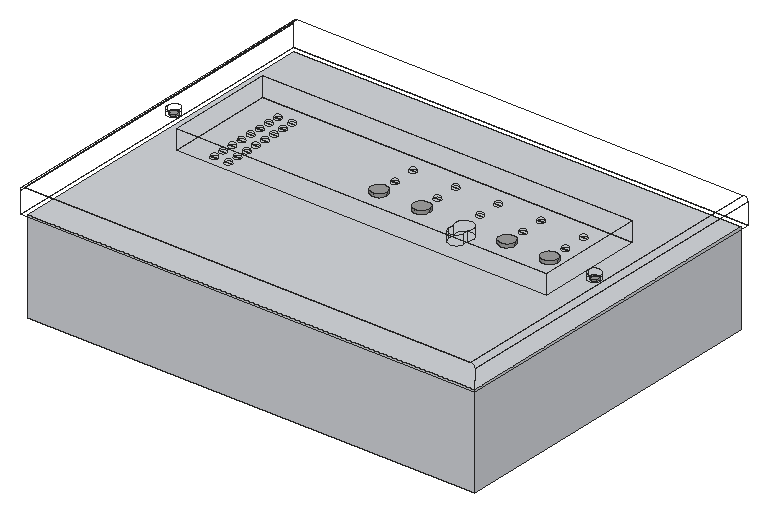
Revit family "Maxlogic Konvansiyonel Yangın Alarm Santralı küçük kasa", category Fire Alarm Devices, host Face, Revit 2021
Family settings
  Host = Face
  Maintain Annotation Orientation = Yes
  Round Connector Dimension = Use Diameter
  Part Type = Normal
  OmniClass Number = 23.85.30.21
  OmniClass Title = Environmental Detection/Registration
  Cut with Voids When Loaded = No
  Shared = No
  Room Calculation Point = No
Parameters (values of type "Maxlogic Konvansiyonel Yangın Alarm Santralı, 8 Bölge")
  Weight = "3450 gr"
  Weatherproof surface mounting back box = ""
  Warranty Duration Unit = "Year"
  Warranty Duration Parts = "2"
  Warranty Duration Labor = "2"
  Version = ""
  URL = "https://www.mavili.com.tr/"
  Recessed mounting base = ""
  Public Works Pose Number = ""
  Protection Sign = "IP 30"
  Product Code = "ML-2228"
  Phone Number = "(+)90 216 466 45 05"
  Operatonal Voltage (default) = ""
  Operating voltage range = ""
  Operating temperature = "(-5°C) - (+40°C)"
  Nominal Depth = "90 mm"
  Nominal Wıdth = "320 mm"
  Nominal Height = "240 mm"
  Mounting surface = "Duvara montaj"
  Mounting height = ""
  Model = "Maxlogic"
  Manufacturer = "Mavili Elektronik Ticaret A.Ş."
  Installation Manual = "https://mavilielektronik.com/Revit/ML222X_kk.pdf"
  Indicator output = ""
  Fax Number = "(+)90 216 466 45 10"
  External supply = "220 V AC"
  Email = "mavili@mavili.com.tr"
  Disclaimer = ""
  Device Adress Setup = ""
  Description = "Konvansiyonel Yangın Alarm Santralı, 8 Bölge"
  Default Elevation = 0 mm
  Current consumption = ""
  Cost unıt = ""
  Cost = 0
  Compatible sockets = ""
  Color = "Beyaz"
  Code Performance = "EN 54-2 / EN 54-4"
  Main Material = "Metal Grey"
  Secondary Material = "White Plastic ABS"
  Battery = "2 X (12V DC 2,1 Ah )"
  Address line 1 = "Şerifali Mahallesi Kutup Sokak No:27/1-2-4 Ümraniye TR-34775 İSTANBUL"
  4 led = yes
  2 led = yes
Types (4, lengths in mm): name | Product Code | Description | 4 led | 2 led
  (no name) | "ML-2228" | "Konvansiyonel Yangın Alarm Santralı, 8 Bölge" | yes | yes
  Maxlogic Konvansiyonel Yangın Alarm Santralı, 2 Bölge | "ML-2222" | "Konvansiyonel Yangın Alarm Santralı, 2 Bölge" | no | no
  Maxlogic Konvansiyonel Yangın Alarm Santralı, 4 Bölge | "ML-2224" | "Konvansiyonel Yangın Alarm Santralı, 4 Bölge" | no | yes
  Maxlogic Konvansiyonel Yangın Alarm Santralı, 8 Bölge | "ML-2228" | "Konvansiyonel Yangın Alarm Santralı, 8 Bölge" | yes | yes
Reference planes
  plane 1 "Center (Front/Back)": y = 0
  plane 2: z = 0
  plane 3 "Center (Left/Right)": x = 0
Forms (mm)
  Extrusion 1, solid
    sketch origin (-157, 122, 0) x (0, 0, 1) y (0, 1, 0)
      loop
        line (65, -234) -> (65, 0) -> (0, 0) -> (0, -234) -> (65, -234)
    from -314 to 0
  Extrusion 2, solid, material "Mavili elektronik 1.renk"
    sketch origin (0, -113, -1508.98) x (0, 0, 1) y (1, 0, 0)
      loop
        line (1573.98, 160) -> (1573.98, -160) -> (1589.247, -160)
        arc (1589.247, -160) -> (1591.318, -159.184) -> (1592.276, -157.175) r 3.037
        arc (1592.276, -157.175) -> (1600.022, 0) -> (1592.276, 157.175) r 1598.503
        arc (1592.276, 157.175) -> (1591.318, 159.184) -> (1589.247, 160) r 3.037
        line (1589.247, 160) -> (1573.98, 160)
    from -2 to 238
  Extrusion 3, void
    sketch origin (160, -113.521, 62.996) x (0, 0, -1) y (0, -1, 0)
      loop
        line (-21.622, -174.473) -> (-21.622, -98.521) -> (-30.016, -98.521) -> (-30.016, -174.473) -> (-21.622, -174.473)
    from 30 to 290
  Extrusion 4, void
    sketch origin (160, 64.059, 84.618) x (1, 0, 0) y (0, -1, 0)
      loop
        line (-290, 79.059) -> (-290, 3.107) -> (-30, 3.107) -> (-30, 79.059) -> (-290, 79.059)
    from 12.691 to -8.393
  Revolve 5, solid, material "Glass"
    sketch origin (120.882, -201.005, 71.927) x (1, 0, 0) y (0, 1, 0)
      loop
        line (-227.382, 249) -> (-232.382, 249)
        arc (-232.382, 249) -> (-229.882, 246.5) -> (-227.382, 249) r 2.5
      axis (-232.382, 249) -> (-227.382, 249)
    angle from 0 to -180
  Revolve 6, solid, material "Glass"
    sketch origin (130.882, -201.005, 71.927) x (1, 0, 0) y (0, 1, 0)
      loop
        line (-227.382, 249) -> (-232.382, 249)
        arc (-232.382, 249) -> (-229.882, 246.5) -> (-227.382, 249) r 2.5
      axis (-232.382, 249) -> (-227.382, 249)
    angle from 0 to -180
  Revolve 7, solid, material "Glass", visible <- "2 led"
    sketch origin (120.882, -217.005, 71.927) x (1, 0, 0) y (0, 1, 0)
      loop
        line (-227.382, 249) -> (-232.382, 249)
        arc (-232.382, 249) -> (-229.882, 246.5) -> (-227.382, 249) r 2.5
      axis (-232.382, 249) -> (-227.382, 249)
    angle from 0 to -180
  Revolve 8, solid, material "Glass", visible <- "2 led"
    sketch origin (130.882, -217.005, 71.927) x (1, 0, 0) y (0, 1, 0)
      loop
        line (-227.382, 249) -> (-232.382, 249)
        arc (-232.382, 249) -> (-229.882, 246.5) -> (-227.382, 249) r 2.5
      axis (-232.382, 249) -> (-227.382, 249)
    angle from 0 to -180
  Revolve 9, solid, material "Glass", visible <- "2 led"
    sketch origin (120.882, -225.005, 71.927) x (1, 0, 0) y (0, 1, 0)
      loop
        line (-227.382, 249) -> (-232.382, 249)
        arc (-232.382, 249) -> (-229.882, 246.5) -> (-227.382, 249) r 2.5
      axis (-232.382, 249) -> (-227.382, 249)
    angle from 0 to -180
  Revolve 10, solid, material "Glass", visible <- "2 led"
    sketch origin (130.882, -225.005, 71.927) x (1, 0, 0) y (0, 1, 0)
      loop
        line (-227.382, 249) -> (-232.382, 249)
        arc (-232.382, 249) -> (-229.882, 246.5) -> (-227.382, 249) r 2.5
      axis (-232.382, 249) -> (-227.382, 249)
    angle from 0 to -180
  Revolve 11, solid, material "Glass", visible <- "4 led"
    sketch origin (120.882, -232.995, 71.927) x (1, 0, 0) y (0, 1, 0)
      loop
        line (-227.382, 249) -> (-232.382, 249)
        arc (-232.382, 249) -> (-229.882, 246.5) -> (-227.382, 249) r 2.5
      axis (-232.382, 249) -> (-227.382, 249)
    angle from 0 to -180
  Revolve 12, solid, material "Glass", visible <- "4 led"
    sketch origin (130.882, -232.995, 71.927) x (1, 0, 0) y (0, 1, 0)
      loop
        line (-227.382, 249) -> (-232.382, 249)
        arc (-232.382, 249) -> (-229.882, 246.5) -> (-227.382, 249) r 2.5
      axis (-232.382, 249) -> (-227.382, 249)
    angle from 0 to -180
  Revolve 13, solid, material "Glass", visible <- "4 led"
    sketch origin (120.882, -240.995, 71.927) x (1, 0, 0) y (0, 1, 0)
      loop
        line (-227.382, 249) -> (-232.382, 249)
        arc (-232.382, 249) -> (-229.882, 246.5) -> (-227.382, 249) r 2.5
      axis (-232.382, 249) -> (-227.382, 249)
    angle from 0 to -180
  Revolve 14, solid, material "Glass", visible <- "4 led"
    sketch origin (130.882, -240.995, 71.927) x (1, 0, 0) y (0, 1, 0)
      loop
        line (-227.382, 249) -> (-232.382, 249)
        arc (-232.382, 249) -> (-229.882, 246.5) -> (-227.382, 249) r 2.5
      axis (-232.382, 249) -> (-227.382, 249)
    angle from 0 to -180
  Revolve 15, solid, material "Glass", visible <- "4 led"
    sketch origin (120.882, -249.005, 71.927) x (1, 0, 0) y (0, 1, 0)
      loop
        line (-227.382, 249) -> (-232.382, 249)
        arc (-232.382, 249) -> (-229.882, 246.5) -> (-227.382, 249) r 2.5
      axis (-232.382, 249) -> (-227.382, 249)
    angle from 0 to -180
  Revolve 16, solid, material "Glass", visible <- "4 led"
    sketch origin (130.882, -249.005, 71.927) x (1, 0, 0) y (0, 1, 0)
      loop
        line (-227.382, 249) -> (-232.382, 249)
        arc (-232.382, 249) -> (-229.882, 246.5) -> (-227.382, 249) r 2.5
      axis (-232.382, 249) -> (-227.382, 249)
    angle from 0 to -180
  Revolve 17, solid, material "Glass", visible <- "4 led"
    sketch origin (120.882, -256.995, 71.927) x (1, 0, 0) y (0, 1, 0)
      loop
        line (-227.382, 249) -> (-232.382, 249)
        arc (-232.382, 249) -> (-229.882, 246.5) -> (-227.382, 249) r 2.5
      axis (-232.382, 249) -> (-227.382, 249)
    angle from 0 to -180
  Revolve 18, solid, material "Glass", visible <- "4 led"
    sketch origin (130.882, -256.995, 71.927) x (1, 0, 0) y (0, 1, 0)
      loop
        line (-227.382, 249) -> (-232.382, 249)
        arc (-232.382, 249) -> (-229.882, 246.5) -> (-227.382, 249) r 2.5
      axis (-232.382, 249) -> (-227.382, 249)
    angle from 0 to -180
  Revolve 19, solid, material "Glass"
    sketch origin (215.882, -201.005, 71.927) x (1, 0, 0) y (0, 1, 0)
      loop
        line (-227.382, 249) -> (-232.382, 249)
        arc (-232.382, 249) -> (-229.882, 246.5) -> (-227.382, 249) r 2.5
      axis (-232.382, 249) -> (-227.382, 249)
    angle from 0 to -180
  Revolve 20, solid, material "Glass"
    sketch origin (215.882, -216.995, 71.927) x (1, 0, 0) y (0, 1, 0)
      loop
        line (-227.382, 249) -> (-232.382, 249)
        arc (-232.382, 249) -> (-229.882, 246.5) -> (-227.382, 249) r 2.5
      axis (-232.382, 249) -> (-227.382, 249)
    angle from 0 to -180
  Revolve 21, solid, material "Glass"
    sketch origin (245.882, -201, 71.927) x (1, 0, 0) y (0, 1, 0)
      loop
        line (-227.382, 249) -> (-232.382, 249)
        arc (-232.382, 249) -> (-229.882, 246.5) -> (-227.382, 249) r 2.5
      axis (-232.382, 249) -> (-227.382, 249)
    angle from 0 to -180
  Revolve 22, solid, material "Glass"
    sketch origin (245.882, -217, 71.927) x (1, 0, 0) y (0, 1, 0)
      loop
        line (-227.382, 249) -> (-232.382, 249)
        arc (-232.382, 249) -> (-229.882, 246.5) -> (-227.382, 249) r 2.5
      axis (-232.382, 249) -> (-227.382, 249)
    angle from 0 to -180
  Revolve 23, solid, material "Glass"
    sketch origin (275.882, -201, 71.927) x (1, 0, 0) y (0, 1, 0)
      loop
        line (-227.382, 249) -> (-232.382, 249)
        arc (-232.382, 249) -> (-229.882, 246.5) -> (-227.382, 249) r 2.5
      axis (-232.382, 249) -> (-227.382, 249)
    angle from 0 to -180
  Revolve 24, solid, material "Glass"
    sketch origin (275.882, -217, 71.927) x (1, 0, 0) y (0, 1, 0)
      loop
        line (-227.382, 249) -> (-232.382, 249)
        arc (-232.382, 249) -> (-229.882, 246.5) -> (-227.382, 249) r 2.5
      axis (-232.382, 249) -> (-227.382, 249)
    angle from 0 to -180
  Revolve 25, solid, material "Glass"
    sketch origin (305.882, -201, 71.927) x (1, 0, 0) y (0, 1, 0)
      loop
        line (-227.382, 249) -> (-232.382, 249)
        arc (-232.382, 249) -> (-229.882, 246.5) -> (-227.382, 249) r 2.5
      axis (-232.382, 249) -> (-227.382, 249)
    angle from 0 to -180
  Revolve 26, solid, material "Glass"
    sketch origin (305.882, -217, 71.927) x (1, 0, 0) y (0, 1, 0)
      loop
        line (-227.382, 249) -> (-232.382, 249)
        arc (-232.382, 249) -> (-229.882, 246.5) -> (-227.382, 249) r 2.5
      axis (-232.382, 249) -> (-227.382, 249)
    angle from 0 to -180
  Revolve 27, solid, material "Glass"
    sketch origin (335.882, -201, 71.927) x (1, 0, 0) y (0, 1, 0)
      loop
        line (-227.382, 249) -> (-232.382, 249)
        arc (-232.382, 249) -> (-229.882, 246.5) -> (-227.382, 249) r 2.5
      axis (-232.382, 249) -> (-227.382, 249)
    angle from 0 to -180
  Revolve 28, solid, material "Glass"
    sketch origin (335.882, -217, 71.927) x (1, 0, 0) y (0, 1, 0)
      loop
        line (-227.382, 249) -> (-232.382, 249)
        arc (-232.382, 249) -> (-229.882, 246.5) -> (-227.382, 249) r 2.5
      axis (-232.382, 249) -> (-227.382, 249)
    angle from 0 to -180
  Extrusion 29, void
    sketch origin (160, 64.059, 84.618) x (1, 0, 0) y (0, -1, 0)
      loop
        circle (-308, 59.059) r 4.5
    from -1.047 to 4.618
  Extrusion 30, void
    sketch origin (456, 64.059, 84.618) x (1, 0, 0) y (0, -1, 0)
      loop
        circle (-308, 59.059) r 4.5
    from -1.047 to 4.618
  Extrusion 31, solid, material "siyah"
    sketch origin (160, 64.059, 80.03) x (0, -1, 0) y (1, 0, 0)
      loop
        line (60.559, -305.402) -> (57.559, -305.402) -> (56.059, -308) -> (57.559, -310.598) -> (60.559, -310.598) -> (62.059, -308) -> (60.559, -305.402)
    from 0 to 1
  Extrusion 32, solid, material "siyah"
    sketch origin (456, 64.059, 80.03) x (0, -1, 0) y (1, 0, 0)
      loop
        line (60.559, -305.402) -> (57.559, -305.402) -> (56.059, -308) -> (57.559, -310.598) -> (60.559, -310.598) -> (62.059, -308) -> (60.559, -305.402)
    from 0 to 1
  Extrusion 33, solid, material "siyah"
    sketch origin (189.382, -159.5, 72) x (1, 0, 0) y (0, 1, 0)
      loop
        circle (-83.382, 177.5) r 5.5
    from 0 to 2
  Extrusion 34, solid, material "siyah"
    sketch origin (159.382, -159.5, 72) x (1, 0, 0) y (0, 1, 0)
      loop
        circle (-83.382, 177.5) r 5.5
    from 0 to 2
  Extrusion 35, solid, material "siyah"
    sketch origin (99.382, -159.5, 72) x (1, 0, 0) y (0, 1, 0)
      loop
        circle (-83.382, 177.5) r 5.5
    from 0 to 2
  Extrusion 36, solid, material "siyah"
    sketch origin (69.382, -159.5, 72) x (1, 0, 0) y (0, 1, 0)
      loop
        circle (-83.382, 177.5) r 5.5
    from 0 to 2
  Extrusion 37, void
    sketch origin (160, 64.059, 84.618) x (1, 0, 0) y (0, -1, 0)
      loop
        line (-110.85, 48.761) -> (-110.85, 53.059)
        arc (-110.85, 53.059) -> (-114, 56.209) -> (-117.15, 53.059) r 3.15
        line (-117.15, 53.059) -> (-117.15, 48.761)
        arc (-117.15, 48.761) -> (-114, 41.909) -> (-110.85, 48.761) r 4.15
    from 0 to 22.618
  Extrusion 38, void
    sketch origin (160, 64.059, 84.618) x (1, 0, 0) y (0, -1, 0)
      loop
        line (-108.85, 49.421) -> (-108.85, 53.059)
        arc (-108.85, 53.059) -> (-114, 58.209) -> (-119.15, 53.059) r 5.15
        line (-119.15, 53.059) -> (-119.15, 49.421)
        arc (-119.15, 49.421) -> (-114, 39.909) -> (-108.85, 49.421) r 6.15
    from 0 to 22.618
  Revolve 39, solid, material "Glass"
    sketch origin (120.882, -209.005, 71.927) x (1, 0, 0) y (0, 1, 0)
      loop
        line (-227.382, 249) -> (-232.382, 249)
        arc (-232.382, 249) -> (-229.882, 246.5) -> (-227.382, 249) r 2.5
      axis (-232.382, 249) -> (-227.382, 249)
    angle from 0 to -180
  Revolve 40, solid, material "Glass"
    sketch origin (130.882, -209.005, 71.927) x (1, 0, 0) y (0, 1, 0)
      loop
        line (-227.382, 249) -> (-232.382, 249)
        arc (-232.382, 249) -> (-229.882, 246.5) -> (-227.382, 249) r 2.5
      axis (-232.382, 249) -> (-227.382, 249)
    angle from 0 to -180
Cuts and joins
  Extrusion 3, Extrusion 4, Extrusion 29, Extrusion 30, Extrusion 37, Extrusion 38 cuts Extrusion 2
Dimensions and locks
  aligned and locked: plane 2 to host face
  aligned and locked: level to host face
